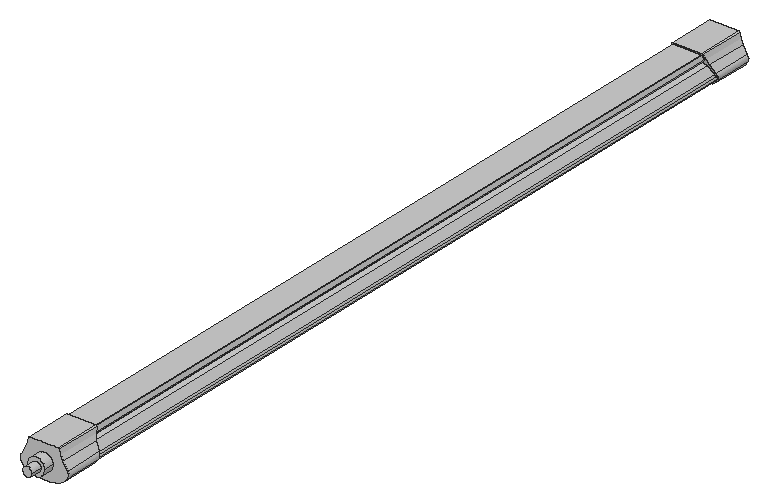
Revit family "NNFC4039288", category 照明器具, Revit 2018
Family settings
  丸型コネクタ寸法 = 直径を使用
  パーツ タイプ = 標準
  OmniClass 番号 = 23.80.70.00
  OmniClass タイトル = Lighting
  作業面ベース = はい
  常に垂直 = いいえ
  ロード時にボイドで切り取り = いいえ
  光源 = はい
  共有 = いいえ
  部屋計算ポイント = いいえ
Parameters (values of type "NNFC4039288")
  built-in parameter 1150110 = 1 (stored number, unit not read)
  長方形の長さに沿って放射 = 80 mm
  長方形の幅に沿って放射 = 1378 mm
  built-in parameter 1150133 = 10 (stored number, unit not read)
  Dimming Lamp Color Temperature Shift = (empty or 0)
  説明 = "NNFC4039288"
  製造元 = "Panasonic Corp."
  built-in parameter 1150104 = 13.8 (stored number, unit not read)
  built-in parameter 1150115 = 1 (stored number, unit not read)
  built-in parameter 1150137 = 1
  built-in parameter 1150106 = 21.313 (stored number, unit not read)
  built-in parameter 1150134 = 1
  built-in parameter 1150109 = 1 (stored number, unit not read)
  Default Elevation = 0 mm
  built-in parameter 1114218 = 1 (stored number, unit not read)
  built-in parameter 1114217 = 1 (stored number, unit not read)
  built-in parameter 1150102 = (empty or 0)
  built-in parameter 1150107 = 6500 (stored number, unit not read)
  built-in parameter 1150138 = (empty or 0)
  built-in parameter 1150132 = 2
  Lumens = 6500 lm
  built-in parameter 1150105 = 2131.3 (stored number, unit not read)
  Tilt Angle = 90.00°
  built-in parameter 1150139 = (empty or 0)
  Cost = 63000
  Wattage = 43.7587 W
  Emit Shape Visible in Rendering = no
  built-in parameter 1150112 = 1 (stored number, unit not read)
  built-in parameter 1150114 = 1 (stored number, unit not read)
  Lamp = ""
  モデル = "LED Splash Proof Ex Series 2G 5FT"
  フォトメトリック Web ファイル = "NNFC4039288.ies"
  タイプの説明 = "Splash Proof"
  Type Image = (empty or 0)
  built-in parameter 1150113 = 1 (stored number, unit not read)
  Color Filter = 16777215
  Voltage = 230 V
  Width = 0 mm
  URL = "https://panasonic.net/electricworks/lighting/"
  Light Source = PC
  Height = 0 mm
  Length = 0 mm
  Body = PC(White)
Reference planes
  plane 1 "Light Source Axis (F/B)": y = 0
  plane 2: z = 0
  plane 3 "Light Source Axis (L/R)": x = 0
  plane 4 "Light Source Elevation": z = 0
  plane 5: y = -787
Forms (mm)
  Extrusion 1, solid, material "PC(White)" <- "Body"
    sketch origin (0, 0, 0) x (1, 0, 0) y (0, 0, 1)
      loop
        line (-25.218, 0) -> (-27.214, -1.907)
        arc (-27.214, -1.907) -> (-28.908, -10.625) -> (-32.373, -18.803) r 42.597
        arc (-32.373, -18.803) -> (-36.385, -25.645) -> (-40.735, -32.276) r 157.997
        arc (-40.735, -32.276) -> (-42.634, -38.352) -> (-40.735, -44.427) r 10.672
        arc (-40.735, -44.427) -> (-35.839, -49.798) -> (-29.7, -53.687) r 27.299
        arc (-29.7, -53.687) -> (-15.201, -58.496) -> (0, -60) r 69.051
        arc (0, -60) -> (15.201, -58.496) -> (29.7, -53.687) r 69.051
        arc (29.7, -53.687) -> (35.839, -49.798) -> (40.735, -44.427) r 27.299
        arc (40.735, -44.427) -> (42.634, -38.352) -> (40.735, -32.276) r 10.672
        arc (40.735, -32.276) -> (36.385, -25.645) -> (32.373, -18.803) r 157.997
        arc (32.373, -18.803) -> (28.908, -10.625) -> (27.214, -1.907) r 42.597
        line (27.214, -1.907) -> (25.218, 0) -> (-25.218, 0)
    from -750 to 750
  Extrusion 2, void
    sketch origin (0, 0, 0) x (0, 1, 0) y (0, 0, 1)
      loop
        line (666.06, 5) -> (-666.06, 5)
        arc (-666.06, 5) -> (-680.079, -29.434) -> (-690.912, -65) r 408.841
        line (-690.912, -65) -> (690.912, -65)
        arc (690.912, -65) -> (680.079, -29.434) -> (666.06, 5) r 408.841
    from -50 to 50
  Extrusion 3, solid, material "PC" <- "Light Source"
    sketch origin (0, 0, 0) x (1, 0, 0) y (0, 0, 1)
      loop
        arc (-40.06, -37.258) -> (-39.908, -40.26) -> (-38.68, -43.004) r 8.172
        arc (-38.68, -43.004) -> (-34.232, -47.883) -> (-28.655, -51.416) r 24.799
        arc (-28.655, -51.416) -> (-14.666, -56.054) -> (0, -57.5) r 66.551
        arc (0, -57.5) -> (14.666, -56.054) -> (28.655, -51.416) r 66.551
        arc (28.655, -51.416) -> (34.232, -47.883) -> (38.68, -43.004) r 24.799
        arc (38.68, -43.004) -> (39.908, -40.26) -> (40.06, -37.258) r 8.172
        line (40.06, -37.258) -> (-40.06, -37.258)
    from -750 to 750
  Extrusion 4, solid, material "PC(White)" <- "Body"
    sketch origin (0, 0, 0) x (1, 0, 0) y (0, 0, 1)
      loop
        arc (40.06, -37.258) -> (39.581, -35.397) -> (38.68, -33.7) r 8.172
        arc (38.68, -33.7) -> (34.371, -27.139) -> (30.387, -20.375) r 160.497
        line (30.387, -20.375) -> (22.143, -16.613) -> (22.143, -12.613) -> (25.153, -12.613)
        arc (25.153, -12.613) -> (26.384, -12.103) -> (26.894, -10.872) r 1.741
        arc (26.894, -10.872) -> (25.91, -6.892) -> (25.295, -2.839) r 44.597
        line (25.295, -2.839) -> (24.416, -2) -> (-24.416, -2) -> (-25.295, -2.839)
        arc (-25.295, -2.839) -> (-25.91, -6.892) -> (-26.894, -10.872) r 44.597
        arc (-26.894, -10.872) -> (-26.384, -12.103) -> (-25.153, -12.613) r 1.741
        line (-25.153, -12.613) -> (-22.143, -12.613) -> (-22.143, -16.613) -> (-30.387, -20.375)
        arc (-30.387, -20.375) -> (-34.371, -27.139) -> (-38.68, -33.7) r 160.497
        arc (-38.68, -33.7) -> (-39.581, -35.397) -> (-40.06, -37.258) r 8.172
        line (-40.06, -37.258) -> (40.06, -37.258)
    from -750 to 750
  Extrusion 5, void
    sketch origin (0, 0, 0) x (0, 1, 0) y (0, 0, 1)
      loop
        line (750, 5) -> (666.06, 5)
        arc (666.06, 5) -> (680.079, -29.434) -> (690.912, -65) r 408.841
        line (690.912, -65) -> (750, -65) -> (750, 5)
      loop
        line (-750, 5) -> (-750, -65) -> (-690.912, -65)
        arc (-690.912, -65) -> (-680.079, -29.434) -> (-666.06, 5) r 408.841
        line (-666.06, 5) -> (-750, 5)
    from -50 to 50
  Extrusion 6, solid, material "PC(White)" <- "Body"
    sketch origin (0, 0, -4) x (1, 0, 0) y (0, 0, 1)
      loop
        circle (0, -27) r 15
    from 750 to 768
  Extrusion 7, solid, material "PC(White)" <- "Body"
    sketch origin (0, 0, -4) x (1, 0, 0) y (0, 0, 1)
      loop
        circle (0, -27) r 8
    from 768 to 787
Cuts and joins
  Extrusion 2 cuts Extrusion 1
  Extrusion 5 cuts Extrusion 3
  Extrusion 5 cuts Extrusion 4
Dimensions and locks
  aligned and locked: level to plane 2
Connectors
  electrical at (0, -787, -31)
    settings: on plane 5, index 1, voltage 0 V, apparent load 0 VA, apparent load phase1 0 VA, apparent load phase2 0 VA, apparent load phase3 0 VA, power factor 1, load classification "Other", number of poles 1, system type 30, power factor state 1, is connector primary yes, connector utility no, sub classification motor no, connector description ""
